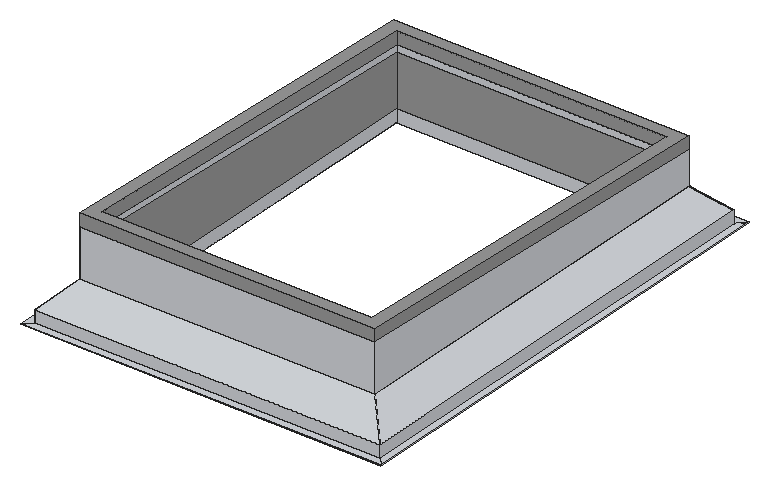
Revit family "UCC-1 (Sloped Roof)", category Mechanical Equipment, Revit 2015
Parameters
  URL = "https://unitedenertech.com/catalog/pdf/UCC-1%20submittal%20Model.pdf"
  Type Comments = "Consult Factory for Max. Sizes"
  Roof Slope (Degrees) = 2.00°
  R (1-1/2" Standard) = 0' - 1 1/2"
  Model = "UCC-1"
  Manufacturer = "United Enertech Corporation"
  Height (10" Standard) = 0' - 10"
  Description = "Conventional Roof Curb (for Sloped Roof)"
  B Side O.D. = 4' - 0"
  A Side O.D. = 3' - 0"
Reference planes (in)
  plane 1 "Center (Front/Back)": y = 0
  plane 2: z = 0
  plane 3 "Center (Left/Right)": x = 0
  plane 4: z = 10
  plane 5: z = 8.5
  plane 6: z = 0.0478
  plane 7: z = 7.75
  plane 8: z = 1.5
  plane 9: z = 4.5
  plane 10: y = -24
  plane 11: y = -48
  plane 12: y = -1.5
  plane 13: y = -46.5
  plane 14: x = -18
  plane 15: x = 18
  plane 16: x = -16.5
  plane 17: x = 16.5
  plane 18: z = 8.4522
  plane 19: y = -0.0478
  plane 20: y = -1.4522
  plane 21: y = -46.5478
  plane 22: y = -47.9522
  plane 23: x = -21
  plane 24: y = -51
  plane 25: x = 21
  plane 26: y = 3
  plane 27: y = 2.9522
  plane 28: y = -50.9522
  plane 29: x = -22
  plane 30: y = -52
  plane 31: x = 22
  plane 32: y = 4
  plane 33: x = -20.9522
  plane 34: x = -16.5478
  plane 35: x = -17.9522
  plane 36: x = 16.5478
  plane 37: x = 17.9522
  plane 38: x = 20.9522
Forms (in)
  Extrusion 1, solid, material "Wood (Oak)"
    sketch origin (0, 0, 0) x (1, 0, 0) y (0, 1, 0)
      loop
        line (-16.5, -46.5) -> (16.5, -46.5) -> (16.5, -1.5) -> (-16.5, -1.5) -> (-16.5, -46.5)
      loop
        line (-18, -48) -> (18, -48) -> (18, 0) -> (-18, 0) -> (-18, -48)
    from 10 to 8.5
  Extrusion 2, solid
    sketch origin (0, 0, 0) x (0, 1, 0) y (0, 0, 1)
      loop
        line (-1.5, 7.75) -> (-1.4522, 7.75) -> (-1.4522, 8.4522) -> (-0.0478, 8.4522) -> (-0.0478, 4.48099) -> (2.9522, 1.58575) -> (2.9522, 0.15089) -> (-1.4522, -0.00291) -> (-1.4522, 1.44929) -> (-1.5, 1.44762) -> (-1.5, -0.05238) -> (4, 0.13968) -> (4, 0.18748) -> (3, 0.15256) -> (3, 1.60476) -> (0, 4.5) -> (0, 8.5) -> (-1.5, 8.5) -> (-1.5, 7.75)
    from -22 to 22
  Extrusion 3, solid, material "Rigid insulation"
    sketch origin (0, 0, 0) x (0, 1, 0) y (0, 0, 1)
      loop
        line (-0.0478, 0.04613) -> (-0.0478, 8.4522) -> (-1.4522, 8.4522) -> (-1.4522, -0.00291) -> (-0.0478, 0.04613)
    from -22 to 22
  Extrusion 4, solid
    sketch origin (0, 0, 0) x (0, 1, 0) y (0, 0, 1)
      loop
        line (-46.5, 7.75) -> (-46.5, 8.5) -> (-48, 8.5) -> (-48, 2.8238) -> (-51, -0.28096) -> (-51, -1.73316) -> (-52, -1.76808) -> (-52, -1.81588) -> (-46.5, -1.62382) -> (-46.5, -0.12382) -> (-46.5478, -0.12548) -> (-46.5478, -1.57768) -> (-50.9522, -1.73149) -> (-50.9522, -0.29895) -> (-47.9522, 2.80581) -> (-47.9522, 8.4522) -> (-46.5478, 8.4522) -> (-46.5478, 7.75) -> (-46.5, 7.75)
    from -22 to 22
  Extrusion 5, solid, material "Rigid insulation"
    sketch origin (0, 0, 0) x (0, 1, 0) y (0, 0, 1)
      loop
        line (-46.5478, 8.4522) -> (-47.9522, 8.4522) -> (-47.9522, -1.62673) -> (-46.5478, -1.57768) -> (-46.5478, 8.4522)
    from -22 to 22
  Extrusion 6, solid
    sketch origin (0, 0, 0) x (-1, 0, 0) y (0, 0, -1)
      loop
        line (-16.5478, -7.75) -> (-16.5478, -8.4522) -> (-17.9522, -8.4522) -> (-17.9522, 449.65722) -> (-18, 449.65722) -> (-18, -8.5) -> (-16.5, -8.5) -> (-16.5, -7.75) -> (-16.5478, -7.75)
    from -4 to 52
  Extrusion 7, solid, material "Rigid insulation"
    sketch origin (0, 0, 0) x (1, 0, 0) y (0, 0, 1)
      loop
        line (-17.9522, 8.4522) -> (-17.9522, -425.5049) -> (-16.5478, -425.5049) -> (-16.5478, 8.4522) -> (-17.9522, 8.4522)
    from -4 to 52
  Extrusion 8, solid, material "Rigid insulation"
    sketch origin (0, 0, 0) x (-1, 0, 0) y (0, 0, -1)
      loop
        line (-17.9522, -8.4522) -> (-16.5478, -8.4522) -> (-16.5478, 425.5049) -> (-17.9522, 425.5049) -> (-17.9522, -8.4522)
    from -4 to 52
  Extrusion 9, solid
    sketch origin (0, 0, 0) x (1, 0, 0) y (0, 0, 1)
      loop
        line (-16.5478, 7.75) -> (-16.5, 7.75) -> (-16.5, 8.5) -> (-18, 8.5) -> (-18, -449.65722) -> (-17.9522, -449.65722) -> (-17.9522, 8.4522) -> (-16.5478, 8.4522) -> (-16.5478, 7.75)
    from -4 to 52
  Extrusion 10, void
    sketch origin (0, 0, 0) x (0, 1, 0) y (0, 0, 1)
      loop
        line (880.56439, -615.0078) -> (880.56439, 35.24999) -> (-980.99349, -29.75705) -> (-980.99349, -615.0078) -> (880.56439, -615.0078)
    from -822.87672 to 842.68021
  Extrusion 11, void
    sketch origin (0, 0, 0) x (0, 1, 0) y (0, 0, 1)
      loop
        line (1532.56054, -910.50331) -> (1532.56054, 53.56599) -> (-1406.34943, -49.063) -> (-1406.34943, -910.50331) -> (1532.56054, -910.50331)
    from -3369.2392 to 3338.49446
  Extrusion 12, solid
    sketch origin (0, 0, 0) x (0, 1, 0) y (0, 0, 1)
      loop
        line (4, 0.18748) -> (-52, -1.76808) -> (-52, -1.81588) -> (4, 0.13968) -> (4, 0.18748)
    from 16.5 to 22
  Extrusion 13, solid
    sketch origin (0, 0, 0) x (0, 1, 0) y (0, 0, 1)
      loop
        line (4, 0.18748) -> (-52, -1.76808) -> (-52, -1.81588) -> (4, 0.13968) -> (4, 0.18748)
    from -22 to -16.5
  Extrusion 14, solid
    sketch origin (0, 0, 0) x (0, 1, 0) y (0, 0, 1)
      loop
        line (4, 1.63968) -> (-52, -0.31588) -> (-52, -1.76808) -> (4, 0.18748) -> (4, 1.63968)
    from 16.5 to 16.5478
  Extrusion 15, solid
    sketch origin (0, 0, 0) x (0, 1, 0) y (0, 0, 1)
      loop
        line (4, 1.63968) -> (-52, -0.31588) -> (-52, -1.76808) -> (4, 0.18748) -> (4, 1.63968)
    from -16.5478 to -16.5
  Blend 16, solid
    base sketch origin (0, 0, 0) x (0, 1, 0) y (0, 0, 1)
      loop
        line (4, 1.63968) -> (-52, -0.31588) -> (-52, -1.76808) -> (4, 0.18748) -> (4, 1.63968)
    top sketch origin (0, 0, 0) x (0, 1, 0) y (0, 0, 1)
      loop
        line (4, 4.63968) -> (-52, 2.68412) -> (-52, -1.76808) -> (4, 0.18748) -> (4, 4.63968)
    from -21 to -17.9522
  Blend 17, solid
    base sketch origin (0, 0, 0) x (0, 1, 0) y (0, 0, 1)
      loop
        line (4, 1.63968) -> (-52, -0.31588) -> (-52, -1.76808) -> (4, 0.18748) -> (4, 1.63968)
    top sketch origin (0, 0, 0) x (0, 1, 0) y (0, 0, 1)
      loop
        line (4, 4.63968) -> (-52, 2.68412) -> (-52, -1.76808) -> (4, 0.18748) -> (4, 4.63968)
    from 21 to 17.9522
  Extrusion 18, void
    sketch origin (-236, 0, 0) x (1, 0, 0) y (0, 1, 0)
      loop
        line (214, 4) -> (243.69848, -25.69848) -> (243.69848, 4) -> (214, 4)
    from -325.61764 to 292.03059
  Extrusion 19, void
    sketch origin (-221.69848, -14.30152, 0) x (1, 0, 0) y (0, 1, 0)
      loop
        line (214, -8) -> (243.69848, -37.69848) -> (243.69848, -8) -> (214, -8)
    from -325.61764 to 292.03059
  Extrusion 20, void
    sketch origin (-215, 1.0478, 0) x (1, 0, 0) y (0, 1, 0)
      loop
        line (193, 2.9522) -> (193, -25.33207) -> (221.28427, -25.33207) -> (193, 2.9522)
    from -509.41608 to 467.28026
  Extrusion 21, void
    sketch origin (-199.28427, -14.66793, 0) x (1, 0, 0) y (0, 1, 0)
      loop
        line (193, -9.0478) -> (193, -37.33207) -> (221.28427, -37.33207) -> (193, -9.0478)
    from -718.86081 to 571.35862
  Extrusion 22, void
    sketch origin (-305.5, -5.5, 0) x (1, 0, 0) y (0, 1, 0)
      loop
        line (334, 4) -> (283.5, 4) -> (283.5, -46.5) -> (334, 4)
    from -420.96492 to 403.99085
  Extrusion 23, void
    sketch origin (-300, 0, 0) x (1, 0, 0) y (0, 1, 0)
      loop
        line (322, 4) -> (271.5, 4) -> (271.5, -46.5) -> (322, 4)
    from -506.45256 to 517.26198
  Extrusion 24, void
    sketch origin (-239.76598, -10.76598, 0) x (1, 0, 0) y (0, 1, 0)
      loop
        line (263, 4) -> (217.76598, -41.23402) -> (263, -41.23402) -> (263, 4)
    from -354.99359 to 360.87974
  Extrusion 25, void
    sketch origin (-229, 0, 0) x (1, 0, 0) y (0, 1, 0)
      loop
        line (251, 4) -> (205.76598, -41.23402) -> (251, -41.23402) -> (251, 4)
    from -483.66136 to 495.78942
Cuts and joins
  Extrusion 10, Extrusion 18, Extrusion 24 cuts Extrusion 9
  Extrusion 10, Extrusion 21, Extrusion 23 cuts Extrusion 6
  Extrusion 11, Extrusion 18, Extrusion 24 cuts Extrusion 7
  Extrusion 11, Extrusion 21, Extrusion 23 cuts Extrusion 8
  Extrusion 18, Extrusion 24 cuts Extrusion 15
  Extrusion 18, Extrusion 24 cuts Extrusion 13
  Extrusion 18, Extrusion 24 cuts Blend 16
  Extrusion 19, Extrusion 22 cuts Extrusion 4
  Extrusion 19, Extrusion 22 cuts Extrusion 5
  Extrusion 20, Extrusion 25 cuts Extrusion 2
  Extrusion 20, Extrusion 25 cuts Extrusion 3
  Extrusion 21, Extrusion 23 cuts Blend 17
  Extrusion 21, Extrusion 23 cuts Extrusion 14
  Extrusion 21, Extrusion 23 cuts Extrusion 12
Lines and regions (in)
  reference lines
    curve 1: line (0, 0, 0) -> (0, -59.96345, -2.09397)
    curve 2: line (0, 0, 0.0478) -> (0, -12.99208, -0.40589)
    curve 3: line (0, 0, 1.5) -> (0, -62.96162, -0.69867)
    curve 4: line (0, 0, 4.5) -> (0, -64.03053, 2.264)
Dimensions and locks (in)
  "Height (10" Standard)": plane 4 to level
  locked: level to plane 6 at 0.0478
  locked: plane 4 to plane 5 at 1.5
  locked: plane 5 to plane 7 at 0.75
  "R (1-1/2" Standard)": plane 8 to level
  locked: plane 9 to plane 8 at 3
  equal spacing: plane 11, plane 10, plane 1 "Center (Front/Back)"
  "B Side O.D.": plane 1 "Center (Front/Back)" to plane 11
  locked: plane 1 "Center (Front/Back)" to plane 12 at 1.5
  locked: plane 13 to plane 11 at 1.5
  equal spacing: plane 14, plane 3 "Center (Left/Right)", plane 15
  "A Side O.D.": plane 14 to plane 15
  locked: plane 14 to plane 16 at 1.5
  locked: plane 15 to plane 17 at 1.5
  locked: plane 5 to plane 18 at 0.0478
  locked: plane 1 "Center (Front/Back)" to plane 19 at 0.0478
  locked: plane 20 to plane 12 at 0.0478
  locked: plane 13 to plane 21 at 0.0478
  locked: plane 22 to plane 11 at 0.0478
  locked: plane 1 "Center (Front/Back)" to plane 26 at 3
  locked: plane 11 to plane 24 at 3
  locked: plane 23 to plane 14 at 3
  locked: plane 15 to plane 25 at 3
  locked: plane 26 to plane 27 at 0.0478
  locked: plane 28 to plane 24 at 0.0478
  locked: plane 29 to plane 23 at 1
  locked: plane 25 to plane 31 at 1
  locked: plane 24 to plane 30 at 1
  locked: plane 26 to plane 32 at 1
  locked: plane 16 to plane 34 at 0.0478
  locked: plane 14 to plane 35 at 0.0478
  locked: plane 23 to plane 33 at 0.0478
  locked: plane 36 to plane 17 at 0.0478
  locked: plane 37 to plane 15 at 0.0478
  locked: plane 25 to plane 38 at 0.0478
  "Roof Slope (Degrees)": angle curve 1 to level
  "Roof Slope (Degrees)": angle curve 2 to level
  "Roof Slope (Degrees)": angle curve 3 to plane 8
  "Roof Slope (Degrees)": angle curve 4 to plane 9
  locked: Extrusion 18 sketch curve to Extrusion 18 sketch curve (angle 45.00°)
  locked: Extrusion 19 sketch curve to Extrusion 19 sketch curve (angle 45.00°)  (x2)
  angle Extrusion 20 sketch curve to Extrusion 20 sketch curve = 45.00°
  angle Extrusion 21 sketch curve to Extrusion 21 sketch curve = 45.00°
  locked: Extrusion 21 sketch curve to Extrusion 21 sketch curve (angle 45.00°)
  locked: Extrusion 22 sketch curve to Extrusion 22 sketch curve (angle 45.00°)  (x2)
  locked: Extrusion 23 sketch curve to Extrusion 23 sketch curve (angle 45.00°)  (x2)
  locked: Extrusion 24 sketch curve to Extrusion 24 sketch curve (angle 45.00°)  (x2)
  locked: Extrusion 25 sketch curve to Extrusion 25 sketch curve (angle 45.00°)  (x2)
  aligned and locked: level to plane 2
  aligned and locked: plane 1 "Center (Front/Back)" to curve 1
  aligned and locked: level to curve 1
  aligned and locked: plane 6 to curve 2
  aligned and locked: plane 1 "Center (Front/Back)" to curve 2
  aligned and locked: plane 1 "Center (Front/Back)" to curve 3
  aligned and locked: plane 8 to curve 3
  aligned and locked: plane 1 "Center (Front/Back)" to curve 4
  aligned and locked: plane 9 to curve 4
  aligned and locked: plane 14 to Extrusion 1 sketch curve
  aligned and locked: Extrusion 1 sketch curve to plane 1 "Center (Front/Back)"
  aligned and locked: Extrusion 1 sketch curve to plane 11
  aligned and locked: Extrusion 1 sketch curve to plane 15
  aligned and locked: plane 17 to Extrusion 1 sketch curve
  aligned and locked: plane 13 to Extrusion 1 sketch curve
  aligned and locked: plane 16 to Extrusion 1 sketch curve
  aligned and locked: plane 12 to Extrusion 1 sketch curve
  aligned and locked: Extrusion 1 to plane 5
  aligned and locked: plane 4 to Extrusion 1
  aligned and locked: plane 5 to Extrusion 2 sketch curve
  aligned and locked: Extrusion 2 sketch curve to plane 18
  aligned and locked: Extrusion 2 sketch curve to plane 1 "Center (Front/Back)"
  aligned and locked: plane 19 to Extrusion 2 sketch curve
  aligned and locked: plane 20 to Extrusion 2 sketch curve  (x2)
  aligned and locked: Extrusion 2 sketch curve to plane 12  (x2)
  aligned and locked: Extrusion 2 sketch curve to plane 7
  aligned and locked: Extrusion 2 sketch curve to plane 32
  aligned and locked: Extrusion 2 sketch curve to curve 1
  aligned and locked: curve 2 to Extrusion 2 sketch curve
  aligned and locked: Extrusion 2 sketch curve to curve 3  (x2)
  aligned and locked: Extrusion 2 sketch curve to curve 2
  aligned and locked: plane 26 to Extrusion 2 sketch curve
  aligned and locked: Extrusion 2 sketch curve to curve 4
  aligned and locked: plane 1 "Center (Front/Back)" to Extrusion 2 sketch curve
  aligned and locked: Extrusion 2 sketch curve to plane 27
  aligned and locked: plane 19 to Extrusion 3 sketch curve
  aligned and locked: plane 20 to Extrusion 3 sketch curve
  aligned and locked: Extrusion 3 sketch curve to plane 18
  aligned and locked: Extrusion 3 sketch curve to curve 2
  aligned and locked: Extrusion 2 to plane 29
  aligned and locked: Extrusion 3 to plane 29
  aligned and locked: Extrusion 3 to plane 31
  aligned and locked: Extrusion 2 to plane 31
  aligned and locked: plane 21 to Extrusion 4 sketch curve
  aligned and locked: plane 13 to Extrusion 4 sketch curve  (x2)
  aligned and locked: plane 11 to Extrusion 4 sketch curve  (x2)
  aligned and locked: plane 22 to Extrusion 4 sketch curve
  aligned and locked: Extrusion 4 sketch curve to plane 5
  aligned and locked: Extrusion 4 sketch curve to plane 18
  aligned and locked: Extrusion 4 sketch curve to plane 7
  aligned and locked: Extrusion 4 sketch curve to plane 30
  aligned and locked: curve 1 to Extrusion 4 sketch curve
  aligned and locked: Extrusion 4 sketch curve to curve 2
  aligned and locked: Extrusion 4 sketch curve to plane 24
  aligned and locked: plane 28 to Extrusion 4 sketch curve
  aligned and locked: curve 2 to Extrusion 4 sketch curve
  aligned and locked: Extrusion 4 sketch curve to plane 21
  aligned and locked: curve 3 to Extrusion 4 sketch curve  (x2)
  aligned and locked: plane 24 to Extrusion 4 sketch curve
  aligned and locked: curve 4 to Extrusion 4 sketch curve
  aligned and locked: Extrusion 5 sketch curve to plane 18
  aligned and locked: plane 22 to Extrusion 5 sketch curve
  aligned and locked: plane 21 to Extrusion 5 sketch curve
  aligned and locked: Extrusion 5 sketch curve to curve 2
  aligned and locked: Extrusion 4 to plane 29
  aligned and locked: Extrusion 5 to plane 29
  aligned and locked: Extrusion 4 to plane 31
  aligned and locked: Extrusion 5 to plane 31
  aligned and locked: Extrusion 6 sketch curve to plane 7
  aligned and locked: Extrusion 7 sketch curve to plane 35
  aligned and locked: Extrusion 7 sketch curve to plane 18
  aligned and locked: Extrusion 7 sketch curve to plane 34
  aligned and locked: plane 18 to Extrusion 8 sketch curve
  aligned and locked: Extrusion 8 sketch curve to plane 37
  aligned and locked: Extrusion 8 sketch curve to plane 36
  aligned and locked: Extrusion 6 sketch curve to plane 15
  aligned and locked: plane 37 to Extrusion 6 sketch curve
  aligned and locked: Extrusion 6 sketch curve to plane 18
  aligned and locked: plane 5 to Extrusion 6 sketch curve
  aligned and locked: plane 36 to Extrusion 6 sketch curve
  aligned and locked: Extrusion 6 sketch curve to plane 17
  aligned and locked: plane 34 to Extrusion 9 sketch curve
  aligned and locked: plane 16 to Extrusion 9 sketch curve
  aligned and locked: Extrusion 9 sketch curve to plane 5
  aligned and locked: plane 18 to Extrusion 9 sketch curve
  aligned and locked: Extrusion 9 sketch curve to plane 14
  aligned and locked: plane 35 to Extrusion 9 sketch curve
  aligned and locked: plane 7 to Extrusion 9 sketch curve
  aligned and locked: Extrusion 9 to plane 32
  aligned and locked: Extrusion 7 to plane 32
  aligned and locked: Extrusion 8 to plane 32
  aligned and locked: Extrusion 6 to plane 32
  aligned and locked: Extrusion 9 to plane 30
  aligned and locked: Extrusion 7 to plane 30
  aligned and locked: Extrusion 8 to plane 30
  aligned and locked: Extrusion 6 to plane 30
  aligned and locked: Extrusion 12 sketch curve to plane 32
  aligned and locked: Extrusion 12 sketch curve to plane 30
  aligned and locked: Extrusion 12 sketch curve to curve 1
  aligned and locked: plane 32 to Extrusion 13 sketch curve
  aligned and locked: plane 30 to Extrusion 13 sketch curve
  aligned and locked: Extrusion 13 sketch curve to curve 1
  aligned and locked: Extrusion 13 sketch curve to curve 2
  aligned and locked: Extrusion 12 to plane 17
  aligned and locked: Extrusion 12 to plane 31
  aligned and locked: Extrusion 13 to plane 16
  aligned and locked: Extrusion 13 to plane 29
  aligned and locked: Extrusion 14 sketch curve to plane 32
  aligned and locked: Extrusion 14 sketch curve to plane 30
  aligned and locked: Extrusion 14 sketch curve to curve 2
  aligned and locked: Extrusion 14 sketch curve to curve 3
  aligned and locked: Extrusion 15 sketch curve to plane 32
  aligned and locked: Extrusion 15 sketch curve to plane 30
  aligned and locked: Extrusion 15 sketch curve to curve 2
  aligned and locked: Extrusion 15 sketch curve to curve 3
  aligned and locked: Extrusion 15 to plane 16
  aligned and locked: Extrusion 15 to plane 34
  aligned and locked: Extrusion 14 to plane 17
  aligned and locked: plane 36 to Extrusion 14
  aligned and locked: Blend 16 sketch curve to plane 32  (x2)
  aligned and locked: Blend 16 sketch curve to plane 30  (x2)
  aligned and locked: Blend 16 sketch curve to curve 3
  aligned and locked: Blend 16 sketch curve to curve 2  (x2)
  aligned and locked: Blend 16 sketch curve to curve 4
  aligned and locked: Blend 16 to plane 23
  aligned and locked: Blend 16 to plane 35
  aligned and locked: Blend 17 sketch curve to plane 32  (x2)
  aligned and locked: Blend 17 sketch curve to plane 30  (x2)
  aligned and locked: Blend 17 sketch curve to curve 3
  aligned and locked: Blend 17 sketch curve to curve 2  (x2)
  aligned and locked: Blend 17 sketch curve to curve 4
  aligned and locked: plane 37 to Blend 17
  aligned and locked: Blend 17 to plane 25
  aligned and locked: Extrusion 10 sketch curve to curve 4
  aligned and locked: Extrusion 12 sketch curve to curve 2
  aligned and locked: Extrusion 11 sketch curve to curve 2
  aligned and locked: plane 29 to Extrusion 18 sketch curve
  aligned and locked: plane 32 to Extrusion 18 sketch curve
  aligned and locked: plane 31 to Extrusion 19 sketch curve
  aligned and locked: plane 30 to Extrusion 19 sketch curve
  aligned and locked: plane 32 to Extrusion 20 sketch curve
  aligned and locked: plane 29 to Extrusion 20 sketch curve
  aligned and locked: plane 31 to Extrusion 21 sketch curve
  aligned and locked: plane 30 to Extrusion 21 sketch curve
  aligned and locked: plane 31 to Extrusion 23 sketch curve
  aligned and locked: plane 32 to Extrusion 23 sketch curve
  aligned and locked: plane 30 to Extrusion 22 sketch curve
  aligned and locked: Extrusion 22 sketch curve to plane 29
  aligned and locked: plane 31 to Extrusion 25 sketch curve
  aligned and locked: plane 32 to Extrusion 25 sketch curve
  aligned and locked: Extrusion 24 sketch curve to plane 29
  aligned and locked: plane 30 to Extrusion 24 sketch curve
Automatic sketch dimensions
  Extrusion 2 sketch curve to Extrusion 2 sketch curve = 0' - 0.01901"
  Extrusion 2 sketch curve to plane 9 = 0' - 0.01901"
  Extrusion 4 sketch curve to Extrusion 4 sketch curve = 0' - 0.01799"  (x2)
  level to Extrusion 6 sketch curve = 37' - 5.65722"
  Extrusion 7 sketch curve to level = 35' - 5.5049"
  level to Extrusion 8 sketch curve = 35' - 5.5049"
  Extrusion 9 sketch curve to level = 37' - 5.65722"
  Extrusion 10 sketch curve to plane 30 = 77' - 4.99349"
  plane 4 to Extrusion 10 sketch curve = 2' - 1 1/4"
  Extrusion 10 sketch curve to level = 51' - 3 1/128"
  Extrusion 11 sketch curve to plane 30 = 112' - 10.34943"
  plane 4 to Extrusion 11 sketch curve = 3' - 7.56599"
  Extrusion 11 sketch curve to level = 75' - 10.50331"
  plane 3 "Center (Left/Right)" to Extrusion 18 sketch curve = 0' - 7.69848"
  Extrusion 19 sketch curve to plane 3 "Center (Left/Right)" = 0' - 7.69848"
  plane 3 "Center (Left/Right)" to Extrusion 20 sketch curve = 0' - 6.28427"
  Extrusion 21 sketch curve to plane 3 "Center (Left/Right)" = 0' - 6.28427"
  Extrusion 22 sketch curve to plane 12 = 0' - 0"
  plane 13 to Extrusion 23 sketch curve = 0' - 0"
  plane 32 to Extrusion 24 sketch curve = 0' - 10.76598"
  Extrusion 25 sketch curve to plane 13 = 0' - 5.26598"
